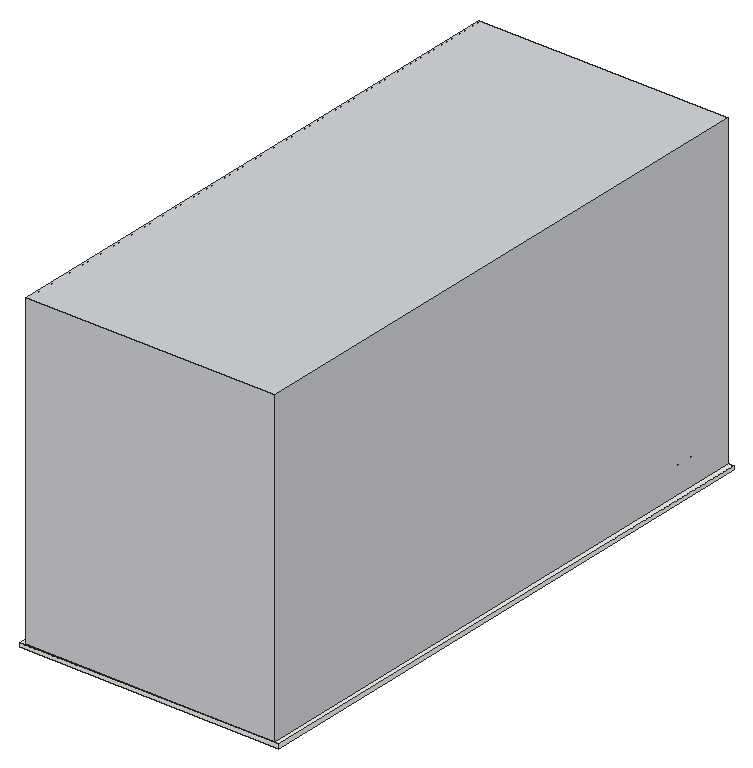
Revit family "MADEL_GRILL_AIR RETURN_FIXED BLADES 45º_DMT+(PLRX - PLRXL) – (2.D1)", category Terminales de aire, Revit 2015
Parameters (values of type "DMT-AR+PLRX/L 700x300")
  n_factor [instance] = 32.0898  # constant formula
  m_factor = 1.8995  # constant formula
  c_factor [instance] = -12.9322  # constant formula
  b_factor = -0.12814  # constant formula
  SPM-A [instance] = no
  Revit Version = "Revit 2015 - English"  # constant formula
  Review Date = "11/2016"  # constant formula
  Q_Connector [instance] = Q / 2  # 506.187 m³/h
  Q [instance] = 1012.37 m³/h
  Product Type [instance] = Modelo  # "DMT-AR+PLRX/L 700x300"
  Product Size = "700x300"
  Product Reference [instance] = if(Nº Options = 3, if(PLRX, if([(S)], if(SP, "DMT-AR+SP+PLRX (S)", if(MLL, "DMT-AR+MLL+PLRX (S)", if([SPM-A], "DMT-AR+SPM-A+PLRX (S)", if(PFT, "DMT-AR+PFT+PLRX (S)", "Consult Manufacturer")))), if([(O)], if(SP, "DMT-AR+SP+PLRX (O)", if(MLL, "DMT-AR+MLL+PLRX (O)", if([SPM-A], "DMT-AR+SPM-A+PLRX (O)", if(PFT, "DMT-AR+PFT+PLRX (O)", "Consult Manufacturer")))), "Consult Manufacturer")), if([PLRX/L], if([(S)], if(SP, "DMT-AR+SP+PLRX/L (S)", if(MLL, "DMT-AR+MLL+PLRX/L (S)", if([SPM-A], "DMT-AR+SPM-A+PLRX/L (S)", if(PFT, "DMT-AR+PFT+PLRX/L (S)", "Consult Manufacturer")))), if([(O)], if(SP, "DMT-AR+SP+PLRX/L (O)", if(MLL, "DMT-AR+MLL+PLRX/L (O)", if([SPM-A], "DMT-AR+SPM-A+PLRX/L (O)", if(PFT, "DMT-AR+PFT+PLRX/L (O)", "Consult Manufacturer")))), "Consult Manufacturer")), "Consult Manufacturer")), if(Nº Options = 2, if(PLRX, if([(S)], "DMT-AR+PLRX (S)", if([(O)], "DMT-AR+PLRX (O)", "Consult Manufacturer")), if([PLRX/L], if([(S)], "DMT-AR+PLRX/L (S)", if([(O)], "DMT-AR+PLRX/L (O)", "Consult Manufacturer")), "Consult Manufacturer")), "Consult Manufacturer"))  # "DMT-AR+SP+PLRX/L (S)"
  Plenum Connection Type = if(PLRX, "Upper", "Lateral")  # "Lateral"
  PLRX/L = if(PLRX, 1 = 0, 1 = 1)  # yes
  PLRX = no
  PFT [instance] = no
  Nº Plenum Connections = 2  # constant formula
  Nº Options [instance] = if([SPM-A], 1, 0) + if(MLL, 1, 0) + if(PLRX, 1, 0) + if([PLRX/L], 1, 0) + if(PFT, 1, 0) + if(SP, 1, 0) + if([(S)], 1, 0) + if([(O)], 1, 0)  # 3
  Nº Finishes [instance] = if(AA, 1, 0) + if(M9016, 1, 0)  # 1
  Nº  Blades = if(H = 100.0 mm, 3, if(H = 150.0 mm, 5, if(H = 200.0 mm, 7, if(H = 250.0 mm, 9, if(H = 300.0 mm, 11, if(H = 350.0 mm, 13, if(H = 400.0 mm, 15, if(H = 450.0 mm, 17, if(H = 500.0 mm, 19, if(H = 550.0 mm, 21, if(H = 600.0 mm, 23, if(H = 650.0 mm, 25, if(H = 700.0 mm, 27, if(H = 750.0 mm, 29, if(H = 800.0 mm, 31, if(H = 850.0 mm, 33, if(H = 900.0 mm, 35, if(H = 950.0 mm, 37, if(H = 1000.0 mm, 39, 0)))))))))))))))))))  # 11
  N_Graphic lines = (H / 40.0 mm) - (L / 1.0 mm) + (L / 1.0 mm)  # 8
  Vmin = 1.5 m/s  # constant formula
  Vmed = 2.25 m/s  # constant formula
  Vmax = 3.0 m/s  # constant formula
  V[m/s] [instance] = Q / Afree / 1.0 m/s  # 2.25
  URL = "http://www.madel.com/en/producto/dmt-fixed-blades-air-return-grilles/"
  SP [instance] = yes
  RAL [instance] = ""
  Modelo = "DMT-AR+PLRX/L 700x300"
  Material and finishes [instance] = if(and(AA, Nº Finishes = 1), "AA", if(and(M9016, Nº Finishes = 1), "M9016", if(Nº Finishes = 0, "Custom RAL", "Consult Manufacturer")))  # "M9016"
  Material Plenum Box = none
  Material Grill = MADEL_M9016
  MLL [instance] = no
  M9016 [instance] = yes
  Lw (dB(A)) [instance] = n_factor * (log([V[m/s]]) / log(2.7183)) + c_factor + Kf  # 14.7082
  L3 = L - 15.0 mm  # 685.0 mm
  H2 = H1 / (N_Graphic lines + 1)  # 31.667 mm
  L1 [instance] = if(SP, 85.0 mm, if(PFT, 43.0 mm, 25.0 mm))  # 85.0 mm
  L = 700.0 mm
  Kf = 1.6178
  Imagen de tipo = (empty or 0)
  IfcExportType = "IfcAirTerminalType"  # constant formula
  IfcExportAs = "IfcAirTerminalType"  # constant formula
  H1 = H - 15.0 mm  # 285.0 mm
  H = 300.0 mm
  Flujo mín. = Vmin * Afree  # 674.916 m³/h
  Flujo máx. = Vmax * Afree  # 1349.83 m³/h
  Fabricante = "MADEL"  # constant formula
  Family Version = "1.0"  # constant formula
  E = H + 20.0 mm  # 320.0 mm
  Descripción = "MADEL_Fixed blades air return grilles"  # constant formula
  D_Connector = 250.0 mm
  DPt [instance] = (10 ^ (log([V[m/s]]) * m_factor + b_factor)) * 1.0 Pa  # 3.47401 Pa
  D1 = D_Connector - 2.0 mm  # 248.0 mm
  Comentarios de tipo = "The DMT series grilles are designed to be used in extractors of cold and hot air. They are mounted on walls or in false ceilings."  # constant formula
  Created by = "BIMETRICAL"  # constant formula
  Blade Lenght = L3  # 685.0 mm
  BIMETRICAL Category = "AirTerminal"  # constant formula
  BIMETRICAL = "http://www.bimetrical.com"  # constant formula
  B = L + 30.0 mm  # 730.0 mm
  Afree = 0.124984 m²
  AA [instance] = no
  (S) [instance] = yes
  (O) [instance] = if([(S)], 1 = 0, 1 = 1)  # no
Types (43, lengths in mm): name | Q_Connector | Q | Product Type | Product Size | Product Reference | Plenum Connection Type | PLRX/L | PLRX | Nº  Blades | N_Graphic lines | Modelo | Lw (dB(A)) | L3 | H2 | L | Kf | H1 | H | Flujo mín. | Flujo máx. | E | D_Connector | D1 | Blade Lenght | B | Afree
  DMT-AR+PLRX 1200x300 | 875.293 m³/h | 1750.59 m³/h | "DMT-AR+PLRX 1200x300" | "1200x300" | "DMT-AR+SP+PLRX (S)" | "Upper" | no | yes | 11 | 8 | "DMT-AR+PLRX 1200x300" | 17.076 | 1185.0 | 31.667 | 1200.0 | 3.9856 | 285.0 | 300.0 | 1167.06 m³/h | 2334.11 m³/h | 320.0 | 250.0 | 248.0 | 1185.0 | 1230.0 | 0.216122 m²
  DMT-AR+PLRX 1200x250 | 721.668 m³/h | 1443.34 m³/h | "DMT-AR+PLRX 1200x250" | "1200x250" | "DMT-AR+SP+PLRX (S)" | "Upper" | no | yes | 9 | 6 | "DMT-AR+PLRX 1200x250" | 16.2416 | 1185.0 | 33.571 | 1200.0 | 3.1512 | 235.0 | 250.0 | 962.224 m³/h | 1924.45 m³/h | 270.0 | 250.0 | 248.0 | 1185.0 | 1230.0 | 0.17819 m²
  DMT-AR+PLRX 1200x200 | 568.043 m³/h | 1136.09 m³/h | "DMT-AR+PLRX 1200x200" | "1200x200" | "DMT-AR+SP+PLRX (S)" | "Upper" | no | yes | 7 | 5 | "DMT-AR+PLRX 1200x200" | 15.2066 | 1185.0 | 30.833 | 1200.0 | 2.1163 | 185.0 | 200.0 | 757.39 m³/h | 1514.78 m³/h | 220.0 | 200.0 | 198.0 | 1185.0 | 1230.0 | 0.140257 m²
  DMT-AR+PLRX 1100x300 | 801.472 m³/h | 1602.94 m³/h | "DMT-AR+PLRX 1100x300" | "1100x300" | "DMT-AR+SP+PLRX (S)" | "Upper" | no | yes | 11 | 8 | "DMT-AR+PLRX 1100x300" | 16.6951 | 1085.0 | 31.667 | 1100.0 | 3.6047 | 285.0 | 300.0 | 1068.63 m³/h | 2137.26 m³/h | 320.0 | 250.0 | 248.0 | 1085.0 | 1130.0 | 0.197894 m²
  DMT-AR+PLRX 1100x200 | 520.17 m³/h | 1040.34 m³/h | "DMT-AR+PLRX 1100x200" | "1100x200" | "DMT-AR+SP+PLRX (S)" | "Upper" | no | yes | 7 | 5 | "DMT-AR+PLRX 1100x200" | 14.826 | 1085.0 | 30.833 | 1100.0 | 1.7356 | 185.0 | 200.0 | 693.56 m³/h | 1387.12 m³/h | 220.0 | 200.0 | 198.0 | 1085.0 | 1130.0 | 0.128437 m²
  DMT-AR+PLRX 1000x300 | 727.65 m³/h | 1455.3 m³/h | "DMT-AR+PLRX 1000x300" | "1000x300" | "DMT-AR+SP+PLRX (S)" | "Upper" | no | yes | 11 | 8 | "DMT-AR+PLRX 1000x300" | 16.2773 | 985.0 | 31.667 | 1000.0 | 3.1869 | 285.0 | 300.0 | 970.201 m³/h | 1940.4 m³/h | 320.0 | 250.0 | 248.0 | 985.0 | 1030.0 | 0.179667 m²
  DMT-AR+PLRX 1000x200 | 472.297 m³/h | 944.595 m³/h | "DMT-AR+PLRX 1000x200" | "1000x200" | "DMT-AR+SP+PLRX (S)" | "Upper" | no | yes | 7 | 5 | "DMT-AR+PLRX 1000x200" | 14.4086 | 985.0 | 30.833 | 1000.0 | 1.3182 | 185.0 | 200.0 | 629.73 m³/h | 1259.46 m³/h | 220.0 | 200.0 | 198.0 | 985.0 | 1030.0 | 0.116617 m²
  DMT-AR+PLRX 1000x150 | 344.621 m³/h | 689.242 m³/h | "DMT-AR+PLRX 1000x150" | "1000x150" | "DMT-AR+SP+PLRX (S)" | "Upper" | no | yes | 5 | 4 | "DMT-AR+PLRX 1000x150" | 13.0459 | 985.0 | 27.0 | 1000.0 | -0.044469 | 135.0 | 150.0 | 459.494 m³/h | 918.989 m³/h | 170.0 | 125.0 | 123.0 | 985.0 | 1030.0 | 0.0850916 m²
  DMT-AR+PLRX 1000x100 | 216.944 m³/h | 433.889 m³/h | "DMT-AR+PLRX 1000x100" | "1000x100" | "DMT-AR+SP+PLRX (S)" | "Upper" | no | yes | 3 | 3 | "DMT-AR+PLRX 1000x100" | 11.0449 | 985.0 | 21.25 | 1000.0 | -2.0454 | 85.0 | 100.0 | 289.259 m³/h | 578.518 m³/h | 120.0 | 100.0 | 98.0 | 985.0 | 1030.0 | 0.0535665 m²
  DMT-AR+PLRX 900x200 | 424.425 m³/h | 848.85 m³/h | "DMT-AR+PLRX 900x200" | "900x200" | "DMT-AR+SP+PLRX (S)" | "Upper" | no | yes | 7 | 5 | "DMT-AR+PLRX 900x200" | 13.9465 | 885.0 | 30.833 | 900.0 | 0.85609 | 185.0 | 200.0 | 565.9 m³/h | 1131.8 m³/h | 220.0 | 200.0 | 198.0 | 885.0 | 930.0 | 0.104796 m²
  DMT-AR+PLRX 900x150 | 309.723 m³/h | 619.445 m³/h | "DMT-AR+PLRX 900x150" | "900x150" | "DMT-AR+SP+PLRX (S)" | "Upper" | no | yes | 5 | 4 | "DMT-AR+PLRX 900x150" | 12.5843 | 885.0 | 27.0 | 900.0 | -0.50609 | 135.0 | 150.0 | 412.963 m³/h | 825.927 m³/h | 170.0 | 125.0 | 123.0 | 885.0 | 930.0 | 0.0764747 m²
  DMT-AR+PLRX 900x100 | 195.02 m³/h | 390.041 m³/h | "DMT-AR+PLRX 900x100" | "900x100" | "DMT-AR+SP+PLRX (S)" | "Upper" | no | yes | 3 | 3 | "DMT-AR+PLRX 900x100" | 10.5843 | 885.0 | 21.25 | 900.0 | -2.5061 | 85.0 | 100.0 | 260.027 m³/h | 520.054 m³/h | 120.0 | 100.0 | 98.0 | 885.0 | 930.0 | 0.0481532 m²
  DMT-AR+PLRX 800x150 | 274.824 m³/h | 549.649 m³/h | "DMT-AR+PLRX 800x150" | "800x150" | "DMT-AR+SP+PLRX (S)" | "Upper" | no | yes | 5 | 4 | "DMT-AR+PLRX 800x150" | 12.0674 | 785.0 | 27.0 | 800.0 | -1.023 | 135.0 | 150.0 | 366.432 m³/h | 732.865 m³/h | 170.0 | 125.0 | 123.0 | 785.0 | 830.0 | 0.0678578 m²
  DMT-AR+PLRX 800x100 | 173.096 m³/h | 346.193 m³/h | "DMT-AR+PLRX 800x100" | "800x100" | "DMT-AR+SP+PLRX (S)" | "Upper" | no | yes | 3 | 3 | "DMT-AR+PLRX 800x100" | 10.0687 | 785.0 | 21.25 | 800.0 | -3.0217 | 85.0 | 100.0 | 230.795 m³/h | 461.59 m³/h | 120.0 | 100.0 | 98.0 | 785.0 | 830.0 | 0.0427398 m²
  DMT-AR+PLRX 700x150 | 239.926 m³/h | 479.852 m³/h | "DMT-AR+PLRX 700x150" | "700x150" | "DMT-AR+SP+PLRX (S)" | "Upper" | no | yes | 5 | 4 | "DMT-AR+PLRX 700x150" | 11.4803 | 685.0 | 27.0 | 700.0 | -1.6101 | 135.0 | 150.0 | 319.901 m³/h | 639.803 m³/h | 170.0 | 125.0 | 123.0 | 685.0 | 730.0 | 0.059241 m²
  DMT-AR+PLRX 700x100 | 151.172 m³/h | 302.345 m³/h | "DMT-AR+PLRX 700x100" | "700x100" | "DMT-AR+SP+PLRX (S)" | "Upper" | no | yes | 3 | 3 | "DMT-AR+PLRX 700x100" | 9.4832 | 685.0 | 21.25 | 700.0 | -3.6072 | 85.0 | 100.0 | 201.563 m³/h | 403.126 m³/h | 120.0 | 100.0 | 98.0 | 685.0 | 730.0 | 0.0373265 m²
  DMT-AR+PLRX 600x150 | 205.028 m³/h | 410.055 m³/h | "DMT-AR+PLRX 600x150" | "600x150" | "DMT-AR+SP+PLRX (S)" | "Upper" | no | yes | 5 | 4 | "DMT-AR+PLRX 600x150" | 10.8007 | 585.0 | 27.0 | 600.0 | -2.2897 | 135.0 | 150.0 | 273.37 m³/h | 546.74 m³/h | 170.0 | 125.0 | 123.0 | 585.0 | 630.0 | 0.0506241 m²
  DMT-AR+PLRX 600x100 | 129.248 m³/h | 258.497 m³/h | "DMT-AR+PLRX 600x100" | "600x100" | "DMT-AR+SP+PLRX (S)" | "Upper" | no | yes | 3 | 3 | "DMT-AR+PLRX 600x100" | 8.8057 | 585.0 | 21.25 | 600.0 | -4.2847 | 85.0 | 100.0 | 172.331 m³/h | 344.662 m³/h | 120.0 | 100.0 | 98.0 | 585.0 | 630.0 | 0.0319132 m²
  DMT-AR+PLRX/L 1100x300 | 801.472 m³/h | 1602.94 m³/h | "DMT-AR+PLRX/L 1100x300" | "1100x300" | "DMT-AR+SP+PLRX/L (S)" | "Lateral" | yes | no | 11 | 8 | "DMT-AR+PLRX/L 1100x300" | 16.6951 | 1085.0 | 31.667 | 1100.0 | 3.6047 | 285.0 | 300.0 | 1068.63 m³/h | 2137.26 m³/h | 320.0 | 315.0 | 313.0 | 1085.0 | 1130.0 | 0.197894 m²
  DMT-AR+PLRX/L 1100x250 | 660.821 m³/h | 1321.64 m³/h | "DMT-AR+PLRX/L 1100x250" | "1100x250" | "DMT-AR+SP+PLRX/L (S)" | "Lateral" | yes | no | 9 | 6 | "DMT-AR+PLRX/L 1100x250" | 15.8607 | 1085.0 | 33.571 | 1100.0 | 2.7704 | 235.0 | 250.0 | 881.094 m³/h | 1762.19 m³/h | 270.0 | 250.0 | 248.0 | 1085.0 | 1130.0 | 0.163166 m²
  DMT-AR+PLRX/L 1100x200 | 520.17 m³/h | 1040.34 m³/h | "DMT-AR+PLRX/L 1100x200" | "1100x200" | "DMT-AR+SP+PLRX/L (S)" | "Lateral" | yes | no | 7 | 5 | "DMT-AR+PLRX/L 1100x200" | 14.826 | 1085.0 | 30.833 | 1100.0 | 1.7356 | 185.0 | 200.0 | 693.56 m³/h | 1387.12 m³/h | 220.0 | 250.0 | 248.0 | 1085.0 | 1130.0 | 0.128437 m²
  DMT-AR+PLRX/L 1100x100 | 238.868 m³/h | 477.737 m³/h | "DMT-AR+PLRX/L 1100x100" | "1100x100" | "DMT-AR+SP+PLRX/L (S)" | "Lateral" | yes | no | 3 | 3 | "DMT-AR+PLRX/L 1100x100" | 11.4612 | 1085.0 | 21.25 | 1100.0 | -1.6292 | 85.0 | 100.0 | 318.491 m³/h | 636.982 m³/h | 120.0 | 200.0 | 198.0 | 1085.0 | 1130.0 | 0.0589798 m²
  DMT-AR+PLRX/L 1000x300 | 727.65 m³/h | 1455.3 m³/h | "DMT-AR+PLRX/L 1000x300" | "1000x300" | "DMT-AR+SP+PLRX/L (S)" | "Lateral" | yes | no | 11 | 8 | "DMT-AR+PLRX/L 1000x300" | 16.2773 | 985.0 | 31.667 | 1000.0 | 3.1869 | 285.0 | 300.0 | 970.201 m³/h | 1940.4 m³/h | 320.0 | 315.0 | 313.0 | 985.0 | 1030.0 | 0.179667 m²
  DMT-AR+PLRX/L 1000x250 | 599.974 m³/h | 1199.95 m³/h | "DMT-AR+PLRX/L 1000x250" | "1000x250" | "DMT-AR+SP+PLRX/L (S)" | "Lateral" | yes | no | 9 | 6 | "DMT-AR+PLRX/L 1000x250" | 15.4431 | 985.0 | 33.571 | 1000.0 | 2.3527 | 235.0 | 250.0 | 799.965 m³/h | 1599.93 m³/h | 270.0 | 250.0 | 248.0 | 985.0 | 1030.0 | 0.148142 m²
  DMT-AR+PLRX/L 1000x200 | 472.297 m³/h | 944.595 m³/h | "DMT-AR+PLRX/L 1000x200" | "1000x200" | "DMT-AR+SP+PLRX/L (S)" | "Lateral" | yes | no | 7 | 5 | "DMT-AR+PLRX/L 1000x200" | 14.4086 | 985.0 | 30.833 | 1000.0 | 1.3182 | 185.0 | 200.0 | 629.73 m³/h | 1259.46 m³/h | 220.0 | 250.0 | 248.0 | 985.0 | 1030.0 | 0.116617 m²
  DMT-AR+PLRX/L 1000x150 | 344.621 m³/h | 689.242 m³/h | "DMT-AR+PLRX/L 1000x150" | "1000x150" | "DMT-AR+SP+PLRX/L (S)" | "Lateral" | yes | no | 5 | 4 | "DMT-AR+PLRX/L 1000x150" | 13.0459 | 985.0 | 27.0 | 1000.0 | -0.044469 | 135.0 | 150.0 | 459.494 m³/h | 918.989 m³/h | 170.0 | 200.0 | 198.0 | 985.0 | 1030.0 | 0.0850916 m²
  DMT-AR+PLRX/L 1000x100 | 216.944 m³/h | 433.889 m³/h | "DMT-AR+PLRX/L 1000x100" | "1000x100" | "DMT-AR+SP+PLRX/L (S)" | "Lateral" | yes | no | 3 | 3 | "DMT-AR+PLRX/L 1000x100" | 11.0449 | 985.0 | 21.25 | 1000.0 | -2.0454 | 85.0 | 100.0 | 289.259 m³/h | 578.518 m³/h | 120.0 | 200.0 | 198.0 | 985.0 | 1030.0 | 0.0535665 m²
  DMT-AR+PLRX/L 900x300 | 653.829 m³/h | 1307.66 m³/h | "DMT-AR+PLRX/L 900x300" | "900x300" | "DMT-AR+SP+PLRX/L (S)" | "Lateral" | yes | no | 11 | 8 | "DMT-AR+PLRX/L 900x300" | 15.8148 | 885.0 | 31.667 | 900.0 | 2.7244 | 285.0 | 300.0 | 871.772 m³/h | 1743.54 m³/h | 320.0 | 315.0 | 313.0 | 885.0 | 930.0 | 0.161439 m²
  DMT-AR+PLRX/L 900x250 | 539.127 m³/h | 1078.25 m³/h | "DMT-AR+PLRX/L 900x250" | "900x250" | "DMT-AR+SP+PLRX/L (S)" | "Lateral" | yes | no | 9 | 6 | "DMT-AR+PLRX/L 900x250" | 14.9808 | 885.0 | 33.571 | 900.0 | 1.8904 | 235.0 | 250.0 | 718.836 m³/h | 1437.67 m³/h | 270.0 | 250.0 | 248.0 | 885.0 | 930.0 | 0.133118 m²
  DMT-AR+PLRX/L 900x200 | 424.425 m³/h | 848.85 m³/h | "DMT-AR+PLRX/L 900x200" | "900x200" | "DMT-AR+SP+PLRX/L (S)" | "Lateral" | yes | no | 7 | 5 | "DMT-AR+PLRX/L 900x200" | 13.9465 | 885.0 | 30.833 | 900.0 | 0.85609 | 185.0 | 200.0 | 565.9 m³/h | 1131.8 m³/h | 220.0 | 250.0 | 248.0 | 885.0 | 930.0 | 0.104796 m²
  DMT-AR+PLRX/L 900x150 | 309.723 m³/h | 619.445 m³/h | "DMT-AR+PLRX/L 900x150" | "900x150" | "DMT-AR+SP+PLRX/L (S)" | "Lateral" | yes | no | 5 | 4 | "DMT-AR+PLRX/L 900x150" | 12.5843 | 885.0 | 27.0 | 900.0 | -0.50609 | 135.0 | 150.0 | 412.963 m³/h | 825.927 m³/h | 170.0 | 200.0 | 198.0 | 885.0 | 930.0 | 0.0764747 m²
  DMT-AR+PLRX/L 900x100 | 195.02 m³/h | 390.041 m³/h | "DMT-AR+PLRX/L 900x100" | "900x100" | "DMT-AR+SP+PLRX/L (S)" | "Lateral" | yes | no | 3 | 3 | "DMT-AR+PLRX/L 900x100" | 10.5843 | 885.0 | 21.25 | 900.0 | -2.5061 | 85.0 | 100.0 | 260.027 m³/h | 520.054 m³/h | 120.0 | 200.0 | 198.0 | 885.0 | 930.0 | 0.0481532 m²
  DMT-AR+PLRX/L 800x300 | 580.008 m³/h | 1160.02 m³/h | "DMT-AR+PLRX/L 800x300" | "800x300" | "DMT-AR+SP+PLRX/L (S)" | "Lateral" | yes | no | 11 | 8 | "DMT-AR+PLRX/L 800x300" | 15.2968 | 785.0 | 31.667 | 800.0 | 2.2064 | 285.0 | 300.0 | 773.344 m³/h | 1546.69 m³/h | 320.0 | 250.0 | 248.0 | 785.0 | 830.0 | 0.143212 m²
  DMT-AR+PLRX/L 800x250 | 478.28 m³/h | 956.56 m³/h | "DMT-AR+PLRX/L 800x250" | "800x250" | "DMT-AR+SP+PLRX/L (S)" | "Lateral" | yes | no | 9 | 6 | "DMT-AR+PLRX/L 800x250" | 14.463 | 785.0 | 33.571 | 800.0 | 1.3726 | 235.0 | 250.0 | 637.707 m³/h | 1275.41 m³/h | 270.0 | 250.0 | 248.0 | 785.0 | 830.0 | 0.118094 m²
  DMT-AR+PLRX/L 800x200 | 376.552 m³/h | 753.104 m³/h | "DMT-AR+PLRX/L 800x200" | "800x200" | "DMT-AR+SP+PLRX/L (S)" | "Lateral" | yes | no | 7 | 5 | "DMT-AR+PLRX/L 800x200" | 13.429 | 785.0 | 30.833 | 800.0 | 0.33865 | 185.0 | 200.0 | 502.07 m³/h | 1004.14 m³/h | 220.0 | 200.0 | 198.0 | 785.0 | 830.0 | 0.0929758 m²
  DMT-AR+PLRX/L 800x150 | 274.824 m³/h | 549.649 m³/h | "DMT-AR+PLRX/L 800x150" | "800x150" | "DMT-AR+SP+PLRX/L (S)" | "Lateral" | yes | no | 5 | 4 | "DMT-AR+PLRX/L 800x150" | 12.0674 | 785.0 | 27.0 | 800.0 | -1.023 | 135.0 | 150.0 | 366.432 m³/h | 732.865 m³/h | 170.0 | 200.0 | 198.0 | 785.0 | 830.0 | 0.0678578 m²
  DMT-AR+PLRX/L 800x100 | 173.096 m³/h | 346.193 m³/h | "DMT-AR+PLRX/L 800x100" | "800x100" | "DMT-AR+SP+PLRX/L (S)" | "Lateral" | yes | no | 3 | 3 | "DMT-AR+PLRX/L 800x100" | 10.0687 | 785.0 | 21.25 | 800.0 | -3.0217 | 85.0 | 100.0 | 230.795 m³/h | 461.59 m³/h | 120.0 | 200.0 | 198.0 | 785.0 | 830.0 | 0.0427398 m²
  DMT-AR+PLRX/L 700x300 | 506.187 m³/h | 1012.37 m³/h | "DMT-AR+PLRX/L 700x300" | "700x300" | "DMT-AR+SP+PLRX/L (S)" | "Lateral" | yes | no | 11 | 8 | "DMT-AR+PLRX/L 700x300" | 14.7082 | 685.0 | 31.667 | 700.0 | 1.6178 | 285.0 | 300.0 | 674.916 m³/h | 1349.83 m³/h | 320.0 | 250.0 | 248.0 | 685.0 | 730.0 | 0.124984 m²
  DMT-AR+PLRX/L 700x250 | 417.433 m³/h | 834.866 m³/h | "DMT-AR+PLRX/L 700x250" | "700x250" | "DMT-AR+SP+PLRX/L (S)" | "Lateral" | yes | no | 9 | 6 | "DMT-AR+PLRX/L 700x250" | 13.8747 | 685.0 | 33.571 | 700.0 | 0.78428 | 235.0 | 250.0 | 556.578 m³/h | 1113.16 m³/h | 270.0 | 250.0 | 248.0 | 685.0 | 730.0 | 0.10307 m²
  DMT-AR+PLRX/L 700x200 | 328.68 m³/h | 657.359 m³/h | "DMT-AR+PLRX/L 700x200" | "700x200" | "DMT-AR+SP+PLRX/L (S)" | "Lateral" | yes | no | 7 | 5 | "DMT-AR+PLRX/L 700x200" | 12.8411 | 685.0 | 30.833 | 700.0 | -0.24924 | 185.0 | 200.0 | 438.239 m³/h | 876.479 m³/h | 220.0 | 200.0 | 198.0 | 685.0 | 730.0 | 0.0811555 m²
  DMT-AR+PLRX/L 700x150 | 239.926 m³/h | 479.852 m³/h | "DMT-AR+PLRX/L 700x150" | "700x150" | "DMT-AR+SP+PLRX/L (S)" | "Lateral" | yes | no | 5 | 4 | "DMT-AR+PLRX/L 700x150" | 11.4803 | 685.0 | 27.0 | 700.0 | -1.6101 | 135.0 | 150.0 | 319.901 m³/h | 639.803 m³/h | 170.0 | 200.0 | 198.0 | 685.0 | 730.0 | 0.059241 m²
  DMT-AR+PLRX/L 700x100 | 151.172 m³/h | 302.345 m³/h | "DMT-AR+PLRX/L 700x100" | "700x100" | "DMT-AR+SP+PLRX/L (S)" | "Lateral" | yes | no | 3 | 3 | "DMT-AR+PLRX/L 700x100" | 9.4832 | 685.0 | 21.25 | 700.0 | -3.6072 | 85.0 | 100.0 | 201.563 m³/h | 403.126 m³/h | 120.0 | 200.0 | 198.0 | 685.0 | 730.0 | 0.0373265 m²
  DMT-AR+PLRX/L 600x150 | 205.028 m³/h | 410.055 m³/h | "DMT-AR+PLRX/L 600x150" | "600x150" | "DMT-AR+SP+PLRX/L (S)" | "Lateral" | yes | no | 5 | 4 | "DMT-AR+PLRX/L 600x150" | 10.8007 | 585.0 | 27.0 | 600.0 | -2.2897 | 135.0 | 150.0 | 273.37 m³/h | 546.74 m³/h | 170.0 | 200.0 | 198.0 | 585.0 | 630.0 | 0.0506241 m²
Reference planes
  plane 1 "Centro (Frontal/Posterior)": z = 0
  plane 2: y = 435
  plane 3 "Centro (Izquierda/Derecha)": x = 0
  plane 4: x = -142.5
  plane 5: x = 142.5
  plane 6: y = 92.5
  plane 7: y = 777.5
  plane 8: z = 85
  plane 9: z = -5
  plane 10: x = -139.5
  plane 11: x = 139.5
Forms (mm)
  Extrusion 1, solid, material "MADEL_M9016" <- "Material Grill", detail levels coarse
    sketch origin (0, 435, 5) x (1, 0, 0) y (0, 0, 1)
      loop
        line (142.5, -10) -> (142.5, 80) -> (-142.5, 80) -> (-142.5, -10) -> (142.5, -10)
    from -342.5 to 342.5
  Extrusion 2, solid, material "MADEL_M9016" <- "Material Grill"
    sketch origin (0, -1220, 0) x (1, 0, 0) y (0, 1, 0)
      loop
        line (-166.5, 1288.5) -> (166.5, 1288.5) -> (166.5, 2021.5) -> (-166.5, 2021.5) -> (-166.5, 1288.5)
      loop
        line (-142.5, 1997.5) -> (-142.5, 1312.5) -> (142.5, 1312.5) -> (142.5, 1997.5) -> (-142.5, 1997.5)
    from -5 to 0
  Extrusion 3, solid, material "MADEL_M9016" <- "Material Grill", detail levels medium+fine
    sketch origin (0, 0, 0) x (1, 0, 0) y (0, 1, 0)
      loop
        line (-142.5, 777.5) -> (-142.5, 92.5) -> (142.5, 92.5) -> (142.5, 777.5) -> (-142.5, 777.5)
      loop
        line (-143.7, 778.7) -> (-143.7, 91.3) -> (143.7, 91.3) -> (143.7, 778.7) -> (-143.7, 778.7)
    from 0 to 85
Dimensions and locks
  equal spacing: plane 5, plane 3 "Centro (Izquierda/Derecha)", plane 4
  "H1": plane 5 to plane 4
  equal spacing: plane 7, plane 2, plane 6
  "L3": plane 7 to plane 6
  "L1": plane 8 to plane 1 "Centro (Frontal/Posterior)"
  locked: plane 1 "Centro (Frontal/Posterior)" to plane 9 at 5
  "H2": plane 4 to nested 2
  equal spacing: group 1, group 3, group 7, group 8, group 9, group 16, group 17, group 2  (x3)
  "H2": nested 3 to plane 5
  locked: plane 11 to plane 5 at 3
  locked: plane 4 to plane 10 at 3
  locked: Extrusion 2 to Extrusion 3 sketch curve at 1.2  (x3)
  locked: Extrusion 3 sketch curve to Extrusion 2 at 1.2
  equal spacing: group 4, group 6, group 10, group 11, group 12, group 13, group 14, group 15, group 18, group 19, group 5  (x3)
  aligned and locked: plane 4 to Extrusion 1 sketch curve
  aligned and locked: Extrusion 1 sketch curve to plane 5
  aligned and locked: plane 8 to Extrusion 1
  aligned and locked: Extrusion 2 sketch curve to plane 7
  aligned and locked: Extrusion 2 sketch curve to plane 6
  aligned and locked: Extrusion 2 sketch curve to plane 4
  aligned and locked: plane 5 to Extrusion 2 sketch curve
  aligned and locked: Extrusion 2 to plane 9
  aligned and locked: Extrusion 2 to plane 1 "Centro (Frontal/Posterior)"
  aligned and locked: Extrusion 1 to plane 6
  aligned and locked: plane 7 to Extrusion 1
  aligned and locked: plane 3 "Centro (Izquierda/Derecha)" to nested 1
  aligned and locked: plane 2 to nested 1
  aligned and locked: plane 6 to Extrusion 3 sketch curve
  aligned and locked: plane 4 to Extrusion 3 sketch curve
  aligned and locked: Extrusion 3 sketch curve to plane 5
  aligned and locked: Extrusion 3 sketch curve to plane 7
  aligned and locked: plane 8 to Extrusion 3
  aligned and locked: plane 1 "Centro (Frontal/Posterior)" to Extrusion 3
  aligned and locked: nested 5 to plane 10
  aligned and locked: plane 11 to nested 6
Automatic sketch dimensions
  Extrusion 1 sketch curve to plane 8 = 0.0 mm
  Extrusion 1 sketch curve to level = 5.0 mm
  plane 7 to Extrusion 2 sketch curve = 24.0 mm
  Extrusion 2 sketch curve to plane 4 = 24.0 mm
  plane 5 to Extrusion 2 sketch curve = 24.0 mm
  Extrusion 2 sketch curve to plane 6 = 24.0 mm
Nested families
  nested 1: "Plenum_PLRX-PLRXL (2.D1)" at (0, 435, 0), type "Plenum_PLRX-PLRXL (2.D1)"
    with L1 160.0 mm, PLXR-L yes, PLRX no, H2 135.0 mm, H 400.0 mm, E 320.0 mm, D_Conector 250.0 mm, B2 182.5 mm, B 730.0 mm, An 180.00°
  nested 2: "Grafismo Rejilla" at (-110.833, 435, 0) x (0, 1, 0) z (0, 0, 1), LL <- "L3", type "Linea"
    with LL 685.0 mm
  nested 3: "Grafismo Rejilla" at (110.833, 435, 0) x (0, 1, 0) z (0, 0, 1), LL <- "L3", type "Linea"
    with LL 685.0 mm
  nested 4: "Grafismo Rejilla" at (-79.167, 435, 0) x (0, 1, 0) z (0, 0, 1), LL <- "L3", type "Linea"
    with LL 685.0 mm
  nested 5: "MADEL_ALETA FIJA 45º" at (-139.5, 435, -5) x (0, 1, 0) z (0, 0, 1), Material Aletas <- "Material Grill", Longitud Aleta <- "Blade Lenght", type "MADEL_ALETA FIJA 45º", detail levels medium+fine
    with Material Aletas MADEL_M9016, Longitud Aleta 685.0 mm
  nested 6: "MADEL_ALETA FIJA 45º" at (116.5, 435, -5) x (0, 1, 0) z (0, 0, 1), Material Aletas <- "Material Grill", Longitud Aleta <- "Blade Lenght", type "MADEL_ALETA FIJA 45º", detail levels medium+fine
    with Material Aletas MADEL_M9016, Longitud Aleta 685.0 mm
  nested 7: "MADEL_ALETA FIJA 45º" at (-113.9, 435, -5) x (0, 1, 0) z (0, 0, 1), Material Aletas <- "Material Grill", Longitud Aleta <- "Blade Lenght", type "MADEL_ALETA FIJA 45º", detail levels medium+fine
    with Material Aletas MADEL_M9016, Longitud Aleta 685.0 mm
  nested 8: "Grafismo Rejilla" at (-47.5, 435, 0) x (0, 1, 0) z (0, 0, 1), LL <- "L3", type "Linea"
    with LL 685.0 mm
  nested 9: "Grafismo Rejilla" at (-15.833, 435, 0) x (0, 1, 0) z (0, 0, 1), LL <- "L3", type "Linea"
    with LL 685.0 mm
  nested 10: "Grafismo Rejilla" at (15.833, 435, 0) x (0, 1, 0) z (0, 0, 1), LL <- "L3", type "Linea"
    with LL 685.0 mm
  nested 11: "MADEL_ALETA FIJA 45º" at (-88.3, 435, -5) x (0, 1, 0) z (0, 0, 1), Material Aletas <- "Material Grill", Longitud Aleta <- "Blade Lenght", type "MADEL_ALETA FIJA 45º", detail levels medium+fine
    with Material Aletas MADEL_M9016, Longitud Aleta 685.0 mm
  nested 12: "MADEL_ALETA FIJA 45º" at (-62.7, 435, -5) x (0, 1, 0) z (0, 0, 1), Material Aletas <- "Material Grill", Longitud Aleta <- "Blade Lenght", type "MADEL_ALETA FIJA 45º", detail levels medium+fine
    with Material Aletas MADEL_M9016, Longitud Aleta 685.0 mm
  nested 13: "MADEL_ALETA FIJA 45º" at (-37.1, 435, -5) x (0, 1, 0) z (0, 0, 1), Material Aletas <- "Material Grill", Longitud Aleta <- "Blade Lenght", type "MADEL_ALETA FIJA 45º", detail levels medium+fine
    with Material Aletas MADEL_M9016, Longitud Aleta 685.0 mm
  nested 14: "MADEL_ALETA FIJA 45º" at (-11.5, 435, -5) x (0, 1, 0) z (0, 0, 1), Material Aletas <- "Material Grill", Longitud Aleta <- "Blade Lenght", type "MADEL_ALETA FIJA 45º", detail levels medium+fine
    with Material Aletas MADEL_M9016, Longitud Aleta 685.0 mm
  nested 15: "MADEL_ALETA FIJA 45º" at (14.1, 435, -5) x (0, 1, 0) z (0, 0, 1), Material Aletas <- "Material Grill", Longitud Aleta <- "Blade Lenght", type "MADEL_ALETA FIJA 45º", detail levels medium+fine
    with Material Aletas MADEL_M9016, Longitud Aleta 685.0 mm
  nested 16: "MADEL_ALETA FIJA 45º" at (39.7, 435, -5) x (0, 1, 0) z (0, 0, 1), Material Aletas <- "Material Grill", Longitud Aleta <- "Blade Lenght", type "MADEL_ALETA FIJA 45º", detail levels medium+fine
    with Material Aletas MADEL_M9016, Longitud Aleta 685.0 mm
  nested 17: "Grafismo Rejilla" at (47.5, 435, 0) x (0, 1, 0) z (0, 0, 1), LL <- "L3", type "Linea"
    with LL 685.0 mm
  nested 18: "Grafismo Rejilla" at (79.167, 435, 0) x (0, 1, 0) z (0, 0, 1), LL <- "L3", type "Linea"
    with LL 685.0 mm
  nested 19: "MADEL_ALETA FIJA 45º" at (65.3, 435, -5) x (0, 1, 0) z (0, 0, 1), Material Aletas <- "Material Grill", Longitud Aleta <- "Blade Lenght", type "MADEL_ALETA FIJA 45º", detail levels medium+fine
    with Material Aletas MADEL_M9016, Longitud Aleta 685.0 mm
  nested 20: "MADEL_ALETA FIJA 45º" at (90.9, 435, -5) x (0, 1, 0) z (0, 0, 1), Material Aletas <- "Material Grill", Longitud Aleta <- "Blade Lenght", type "MADEL_ALETA FIJA 45º", detail levels medium+fine
    with Material Aletas MADEL_M9016, Longitud Aleta 685.0 mm
Connectors
  hvac at (-160, 617.5, 265), driven by "DPt", driven by "Q_Connector", driven by "D_Connector"
    settings: on nested 1, index 1, duct flow 506.187 m³/h, flow factor 0, pres drop 3.47401 Pa, loss coef 0, conn angle 0.00°, conn width 304.8 mm, conn height 304.8 mm, conn diameter 250 mm, duct sys type 29, conn prof type 0, flow config 1, flow direction 2, loss method 4, conn ref index -1, conn util no, is conn primary yes, conn desc ""
  hvac at (-160, 252.5, 265), driven by "DPt", driven by "Q_Connector", driven by "D_Connector"
    settings: on nested 1, index 2, duct flow 506.187 m³/h, flow factor 0, pres drop 3.47401 Pa, loss coef 0, conn angle 0.00°, conn width 304.8 mm, conn height 304.8 mm, conn diameter 250 mm, duct sys type 29, conn prof type 0, flow config 1, flow direction 2, loss method 4, conn ref index -1, conn util no, is conn primary no, conn desc ""
Definition of nested family "Plenum_PLRX-PLRXL (2.D1)"
  Parameters (values of type "Plenum_PLRX-PLRX_L (2.D1)")
    URL = "http://www.madel.com/producto/plrx-plenum-con-conexion-circular-para-rejillas/"
    PLXR-L = if(PLRX, 1 = 0, 1 = 1)  # no
    PLRX = yes
    Nº Conexiones = 2  # constant formula
    Model = if(PLRX, "PLRX", "PLRX/L")  # "PLRX"
    Material Plenum = none
    L1 [instance] = if(PLRX, H / 2, E / 2)  # 80.0 mm
    IfcExportType = "IfcAirTerminalBoxType"  # constant formula
    IfcExportAs = "IfcAirTerminalBoxType"  # constant formula
    H2 = if(PLRX, H / 2, 10.0 mm + (D_Conector / 2))  # 80.0 mm
    H = if(PLRX, 160.0 mm, 140.0 mm + D_Conector + 10.0 mm)  # 160.0 mm
    Manufacturer = "MADEL"  # constant formula
    E = 120.0 mm
    Description = "Plenum de conexión superior/lateral"  # constant formula
    D_Conector = 100.0 mm
    Type Comments = "Plenums con conexión circular para rejillas de las series AMT, CTM, LMT y multi-toberas KOO, con fijación tipo (S) para montaje a la pared. Construidos en acero galvanizado."  # constant formula
    B2 = B / (2 * 2)  # 232.5 mm
    B = 930.0 mm
    An = if(PLRX, 90.00°, 180.00°)  # 90.00°
  Reference planes
    plane 1 "Centro (Frontal/Posterior)": y = 0
    plane 2: z = 0
    plane 3 "Centro (Izquierda/Derecha)": x = 0
    plane 4: z = 160
    plane 5: y = 465
    plane 6: y = -465
    plane 7: x = 60
    plane 8: x = -60
    plane 9: z = 155
    plane 10: z = 80
    plane 11: y = 232.5
    plane 12: y = -232.5
    plane 13: x = -58.8
    plane 14: x = 58.8
    plane 15: y = -463.8
    plane 16: y = 463.8
    plane 17: z = 158.8
  Forms (mm)
    Extrusion 1, solid, material <- "Material Plenum"
      sketch origin (0, 0, 0) x (1, 0, 0) y (0, 1, 0)
        loop
          line (-60, 465) -> (-60, -465) -> (60, -465) -> (60, 465) -> (-60, 465)
      from 0 to 160
    Extrusion 2, solid, material <- "Material Plenum"
      sketch origin (0, -232.5, 160) x (0, 1, 0) y (-1, 0, 0)
        loop
          circle (0, 0) r 50
      from 0 to -1
    Extrusion 3, solid, material <- "Material Plenum"
      sketch origin (0, 232.5, 160) x (0, 1, 0) y (-1, 0, 0)
        loop
          circle (0, 0) r 50
      from 0 to -1
    Extrusion 4, void
      sketch origin (0, 0, 0) x (1, 0, 0) y (0, 1, 0)
        loop
          line (-58.8, -463.8) -> (58.8, -463.8) -> (58.8, 463.8) -> (-58.8, 463.8) -> (-58.8, -463.8)
      from 0 to 158.8
  Cuts and joins
    Extrusion 4 cuts Extrusion 1
  Lines and regions (mm)
    reference lines
      curve 1: line (0, -232.5, 80) -> (0, -232.5, 160)
      curve 2: line (0, 232.5, 80) -> (0, 232.5, 160)
  Dimensions and locks
    equal spacing: plane 8, plane 3 "Centro (Izquierda/Derecha)", plane 7
    "E": plane 8 to plane 7
    equal spacing: plane 6, plane 1 "Centro (Frontal/Posterior)", plane 5
    "B": plane 6 to plane 5
    "H": plane 4 to plane 2
    plane 4 to plane 9 = 5.0 mm
    "B2": plane 6 to plane 12
    "B2": plane 5 to plane 11
    "L1": curve 1 to curve 1
    "L1": curve 2 to curve 2
    "H2": plane 4 to plane 10
    locked: plane 5 to plane 16 at 1.2
    locked: plane 6 to plane 15 at 1.2
    locked: plane 14 to plane 7 at 1.2
    locked: plane 8 to plane 13 at 1.2
    locked: plane 4 to plane 17 at 1.2
    "D_Conector": diameter of Extrusion 2 sketch curve
    "D_Conector": diameter of Extrusion 3 sketch curve
    "An": angle plane 10 to curve 1
    "An": angle plane 10 to curve 2
    aligned and locked: level to plane 2
    aligned and locked: plane 6 to Extrusion 1
    aligned and locked: plane 8 to Extrusion 1
    aligned and locked: plane 5 to Extrusion 1
    aligned and locked: plane 7 to Extrusion 1
    aligned and locked: plane 4 to Extrusion 1
    aligned and locked: Extrusion 1 to plane 2
    aligned and locked: plane 3 "Centro (Izquierda/Derecha)" to curve 1
    aligned and locked: plane 10 to curve 1
    aligned and locked: plane 3 "Centro (Izquierda/Derecha)" to curve 2
    aligned and locked: plane 10 to curve 2
    aligned and locked: plane 15 to Extrusion 4 sketch curve
    aligned and locked: plane 13 to Extrusion 4 sketch curve
    aligned and locked: Extrusion 4 sketch curve to plane 16
    aligned and locked: Extrusion 4 sketch curve to plane 14
    aligned and locked: plane 17 to Extrusion 4
    aligned and locked: Extrusion 4 to plane 2
  Automatic sketch dimensions
    plane 6 to Extrusion 1 sketch curve = 0.0 mm
    Extrusion 1 sketch curve to plane 8 = 0.0 mm
    Extrusion 1 sketch curve to plane 7 = 0.0 mm
    Extrusion 1 sketch curve to plane 5 = 0.0 mm
    Extrusion 2 sketch curve to plane 3 "Centro (Izquierda/Derecha)" = 0.0 mm
    Extrusion 2 sketch curve to plane 12 = 0.0 mm
    Extrusion 3 sketch curve to plane 3 "Centro (Izquierda/Derecha)" = 0.0 mm
    Extrusion 3 sketch curve to plane 11 = 0.0 mm
Definition of nested family "MADEL_ALETA FIJA 45º"
  Parameters (values of type "MADEL_ALETA FIJA 45º")
    Material Aletas [instance] = none
    Longitud Aleta [instance] = 1000.0 mm
  Reference planes
    plane 1 "Centro (Frontal/Posterior)": y = 0
    plane 2: z = 0
    plane 3 "Centro (Izquierda/Derecha)": x = 0
    plane 4: x = -500
    plane 5: x = 500
  Forms (mm)
    Extrusion 1, solid, material <- "Material Aletas"
      sketch origin (0, 6.801, -8.972) x (0, 1, 0) y (0, 0, 1)
        loop
          line (-6.801, 8.972) -> (-6.801, 10.172) -> (-8.813, 10.172) -> (-13.27, 14.52)
          arc (-13.27, 14.52) -> (-13.288, 15.935) -> (-14.702, 15.917) r 1
          line (-14.702, 15.917) -> (-27.534, 28.436)
          arc (-27.534, 28.436) -> (-27.412, 29.681) -> (-28.601, 30.071) r 1
          line (-28.601, 30.071) -> (-28.601, 31.972) -> (-28.97, 34.972) -> (-29.801, 34.972) -> (-29.801, 28.972) -> (-9.301, 8.972) -> (-6.801, 8.972)
      from -500 to 500
  Dimensions and locks
    equal spacing: plane 4, plane 3 "Centro (Izquierda/Derecha)", plane 5
    "Longitud Aleta": plane 4 to plane 5
    aligned and locked: level to plane 2
    aligned and locked: Extrusion 1 to plane 4
    aligned and locked: plane 5 to Extrusion 1
  Automatic sketch dimensions
    plane 1 "Centro (Frontal/Posterior)" to Extrusion 1 sketch curve = 23.0 mm
    Extrusion 1 sketch curve to Extrusion 1 sketch curve = 1.2 mm  (x2)
    Extrusion 1 sketch curve to Extrusion 1 sketch curve = 0.352 mm
    Extrusion 1 sketch curve to Extrusion 1 sketch curve = 0.716 mm  (x3)
    plane 1 "Centro (Frontal/Posterior)" to Extrusion 1 sketch curve = 7.9 mm
    Extrusion 1 sketch curve to Extrusion 1 sketch curve = 3.969 mm
    Extrusion 1 sketch curve to Extrusion 1 sketch curve = 0.488 mm
    Extrusion 1 sketch curve to Extrusion 1 sketch curve = 2.012 mm
    level to Extrusion 1 sketch curve = 0.0 mm
    Extrusion 1 sketch curve to Extrusion 1 sketch curve = 4.348 mm
    Extrusion 1 sketch curve to Extrusion 1 sketch curve = 0.698 mm  (x2)
    Extrusion 1 sketch curve to Extrusion 1 sketch curve = 12.519 mm
    Extrusion 1 sketch curve to Extrusion 1 sketch curve = 0.536 mm
    Extrusion 1 sketch curve to Extrusion 1 sketch curve = 1.901 mm
    Extrusion 1 sketch curve to Extrusion 1 sketch curve = 0.832 mm
    Extrusion 1 sketch curve to Extrusion 1 sketch curve = 3.0 mm
Definition of nested family "Grafismo Rejilla"
  Parameters (values of type "Linea")
    LL [instance] = 1500.0 mm
  Reference planes
    plane 1 "Centro (Frontal/Posterior)": y = 0
    plane 2: z = 0
    plane 3 "Centro (Izquierda/Derecha)": x = 0
  Lines and regions (mm)
    symbolic lines
      curve 1: line (-750, 0, 0) -> (750, 0, 0)
  Dimensions and locks
    "LL": curve 1 to curve 1
    equal spacing: curve 1, plane 3 "Centro (Izquierda/Derecha)", curve 1
    aligned and locked: level to plane 2
  Automatic sketch dimensions
    plane 1 "Centro (Frontal/Posterior)" to curve 1 = 0.0 mm
